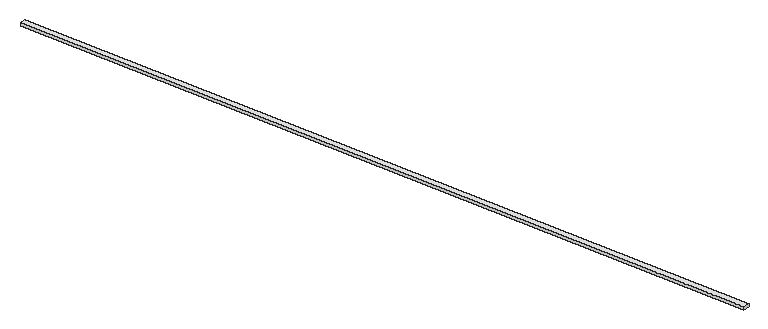
Revit family "Lighting-Surface-Acclaim-Ai Flex Interior", category Lighting Fixtures, host Face, Revit 2015
Parameters
  Width = 0.39"
  Wattage = 9.2903 W
  built-in parameter 1150110 = 1 (stored number, unit not read)
  Voltage = 0 V
  URL = "http://www.acclaimlighting.com/"
  built-in parameter 1114217 = 1 (stored number, unit not read)
  Tilt Angle = 90.00°
  built-in parameter 1150109 = 1 (stored number, unit not read)
  built-in parameter 1150134 = 3
  built-in parameter 1150113 = 1 (stored number, unit not read)
  Power Factor = 1
  Photometric Web File = "generic"
  Number of Poles = 1
  built-in parameter 1150142 = (empty or 0)
  Model = "Ai Flex Interior"
  Manufacturer = "Acclaim Lighting"
  built-in parameter 1150105 = 109.82 (stored number, unit not read)
  Lumens = 1380 lm
  built-in parameter 1150115 = 1 (stored number, unit not read)
  built-in parameter 1150137 = (empty or 0)
  built-in parameter 1150139 = (empty or 0)
  Length = 48.00"
  built-in parameter 1150112 = 1 (stored number, unit not read)
  built-in parameter 1150114 = 1 (stored number, unit not read)
  Lamp = "LED"
  built-in parameter 1150132 = (empty or 0)
  built-in parameter 1150102 = (empty or 0)
  built-in parameter 1150107 = 3200 (stored number, unit not read)
  built-in parameter 1150138 = (empty or 0)
  built-in parameter 1150106 = 1.0982 (stored number, unit not read)
  Housing Finish = Aluminum
  Height = 0.18"
  Emit from Line Length = Length  # 48.00"
  built-in parameter 1150104 = 13.8 (stored number, unit not read)
  Dimming Lamp Color Temperature Shift = <None>
  Description = "Strip Fixture"
  Default Elevation = 48.00"
  Color Filter = 16777215
  built-in parameter 1114218 = 1 (stored number, unit not read)
  built-in parameter 1150133 = 10 (stored number, unit not read)
  Apparent Load = 0 VA
Reference planes (in)
  plane 1 "Center (Front/Back)": y = 0
  plane 2: z = 0
  plane 3 "Center (Left/Right)": x = 0
  plane 4: z = 0.18
  plane 5: y = 0.195
  plane 6: y = -0.195
  plane 7: x = -24
  plane 8: x = 24
Forms (in)
  Extrusion 1, solid, material "Aluminum"
    sketch origin (0, 0, 0) x (1, 0, 0) y (0, 1, 0)
      loop
        line (-24, 0.195) -> (-24, -0.195) -> (24, -0.195) -> (24, 0.195) -> (-24, 0.195)
    from 0 to 0.18
Dimensions and locks (in)
  equal spacing: plane 5, plane 1 "Center (Front/Back)", plane 6
  "Width": plane 5 to plane 6
  equal spacing: plane 7, plane 3 "Center (Left/Right)", plane 8
  "Length": plane 7 to plane 8
  "Height": plane 4 to host face
  aligned and locked: plane 2 to host face
  aligned and locked: level to host face
  aligned and locked: plane 5 to Extrusion 1 sketch curve
  aligned and locked: plane 7 to Extrusion 1 sketch curve
  aligned and locked: Extrusion 1 sketch curve to plane 6
  aligned and locked: Extrusion 1 sketch curve to plane 8
  aligned and locked: plane 4 to Extrusion 1
  aligned and locked: imposter light to plane 4
Automatic sketch dimensions
  host sketch curve to host sketch curve = 96.00"  (x2)
Connectors (in)
  electrical at (24, 0, 0.09), driven by "Number of Poles", driven by "Voltage", driven by "Apparent Load", driven by "Power Factor"
    settings: on Extrusion 1, index 1, voltage 0 V, apparent load 0 VA, apparent load phase1 0 VA, apparent load phase2 0 VA, apparent load phase3 0 VA, power factor 1, load classification "Other", number of poles 1, system type 31, power factor state 1, is connector primary yes, connector utility no, sub classification motor no, connector description "Power"
